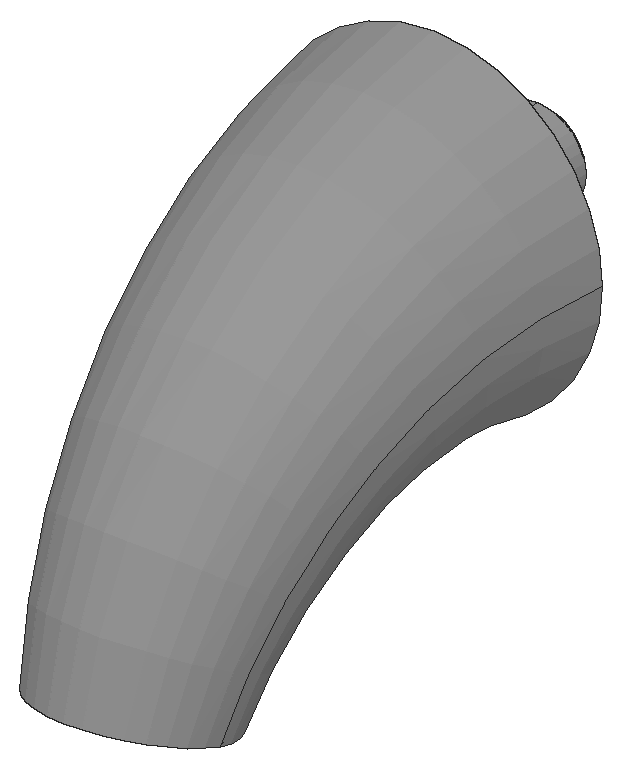
Revit family "LIXIL - KP2-6 N - COBRA SHOWER HEAD AND ARM SET", category Plumbing Fixtures, Revit 2023
Family settings
  Round Connector Dimension = Use Diameter
  Part Type = Normal
  OmniClass Number = 23.45.00.00
  OmniClass Title = Sanitary, Laundry, and Cleaning Equipment
  Work Plane-Based = No
  Enable Cutting in Views = No
  Always vertical = Yes
  Cut with Voids When Loaded = No
  Maintain Annotation Orientation = No
  Shared = Yes
  Room Calculation Point = No
Parameters (values of type "KP2-6 N")
  Product Specification = "Supplier: Lixil.\r\nProduct description: Vandalproof shower head, single-function, chrome. Includes: 1/2\" BSP male inlet, minimum flow pressure 50 kPa. \r\nProduct Code: FSWHR134-0GT01.\r\nSKU Code: KP2-6/N.\r\nBarcode: 6002194051442. \r\nBrand: Cobra\r\nRange: Cobra.\r\nCategory: Showers. \r\nSub-Category: Shower Head (incl. Sets). \r\nColour: Chrome\r\nPackage Height: 80 mm\r\nPackage Width: 80 mm\r\nPackage Length: 140 mm\r\nPackage Volume: 896000 mm³\r\n\r\nNotes:\r\n- Refer to manufacturer's and supplier's installation, maintenance and cleaning manual.\r\n- Refer to manufacturer's and supplier's guarantees and warrantees document."
  M _ SHOWER HEAD = M _ LIXIL - CHROME 01
  M _ MIXER RUBBER = M _ LIXIL - RUBBER - BLACK 01
  Hosted on lixil.co.za = "https://www.lixil.co.za/item/cobra-showers-shower-heads-chrome-3"
  Description = "Cobra shower head and arm set to detail and spec. See sanware schedule. Available from Lixil."
  Default Elevation = 0 mm
Reference planes
  plane 1 "Center (Front/Back)": y = 0
  plane 2: z = 0
  plane 3 "Center (Left/Right)": x = 0
  plane 4 "Center L/S": y = -118.199
  plane 5: y = -39.742
Dimensions and locks
  aligned and locked: level to plane 2
Nested families
  nested 1: "BODY" at (0, 0, 0), type "BODY", detail levels medium+fine
  nested 2: "PLACEHOLDER" at (0, 0, 0), type "01", detail levels coarse
    with W 68.684 mm, H 92.5 mm, D 118.199 mm
Definition of nested family "BODY"
  Parameters (values of type "BODY")
    M _ SHOWER HEAD = none
    M _ RUBBER = none
    Default Elevation = 0 mm
  Reference planes
    plane 1 "Center (Front/Back)": y = 0
    plane 2: z = 0
    plane 3 "Center (Left/Right)": x = 0
    plane 4: y = -101.5
    plane 5: y = -27.5
    plane 6: z = 58.804
    plane 7: z = 4.804
  Forms (mm)
    Revolve 1, solid, material <- "M _ SHOWER HEAD"
      sketch origin (0, 158.815, -77.46) x (0, 0.954263, -0.29897) y (0, 0.29897, 0.954263)
        loop
          line (-260.382, 0.675) -> (-259.348, 0.675) -> (-259.348, 14.086) -> (-273, 14.086) -> (-273, 4.717) -> (-260.382, 4.717) -> (-260.382, 0.675)
        axis (-273, 0.675) -> (-273, 14.086)
      angle from 0 to 360
    Revolve 2, solid, material <- "M _ RUBBER"
      sketch origin (0, 159.017, -76.816) x (0, 0.954263, -0.29897) y (0, 0.29897, 0.954263)
        loop
          line (-273, 2.238) -> (-273, 0.997) -> (-272.535, 0) -> (-272.07, 0.997) -> (-271.605, 0) -> (-271.14, 0.997) -> (-270.675, 0) -> (-270.209, 0.997) -> (-269.744, 0) -> (-269.279, 0.997) -> (-268.814, 0) -> (-268.349, 0.997) -> (-267.884, 0) -> (-267.419, 0.997) -> (-266.954, 0) -> (-266.489, 0.997) -> (-266.024, 0) -> (-265.558, 0.997) -> (-265.093, 0) -> (-264.628, 0.997) -> (-264.163, 0) -> (-263.698, 0.997) -> (-263.233, 0) -> (-262.768, 0.997) -> (-262.303, 0) -> (-261.838, 0.997) -> (-261.373, 0) -> (-260.907, 0.997) -> (-260.44, -0.004) -> (-260.44, 2.238) -> (-273, 2.238)
        axis (-273, -0.004) -> (-273, 2.238)
      angle from 0 to 360
    Revolve 3, solid, material <- "M _ SHOWER HEAD"
      sketch origin (0, 0, -1.196) x (0, 1, 0) y (0, 0, 1)
        loop
          line (0, 60) -> (0, 67.748) -> (-1.693, 69.441) -> (-24.547, 69.441)
          arc (-24.547, 69.441) -> (-26.023, 67.965) -> (-27.5, 69.441) r 1.477
          line (-27.5, 69.441) -> (-27.5, 60) -> (0, 60)
        axis (-27.5, 60) -> (0, 60)
      angle from 0 to 360
    SweptBlend 4, solid, material <- "M _ SHOWER HEAD"
      path in 3D
        loop
          arc (0, -27.5, 58.804) -> (0, -73.399, 43.999) -> (0, -101.5, 4.804) r 77.032
      profile origin (0, -27.5, 58.804) x (0, -0.006381, -0.99998) y (1, 0, 0)
        loop
          circle (0, 0) r 33.25
      end profile origin (0, -101.5, 4.804) x (0, 0.954263, -0.29897) y (1, 0, 0)
        loop
          circle (0, 0) r 17.5
    SweptBlend 5, void
      path in 3D
        loop
          arc (0, -31.994, 58.701) -> (0, -75.196, 42.647) -> (0, -101.5, 4.804) r 77.032
      profile origin (0, -31.994, 58.701) x (0, 0.051964, -0.998649) y (1, 0, 0)
        loop
          circle (0, 0) r 30.25
      end profile origin (0, -101.5, 4.804) x (0, 0.954263, -0.29897) y (1, 0, 0)
        loop
          circle (0, 0) r 14.5
  Cuts and joins
    SweptBlend 5 cuts SweptBlend 4
  Lines and regions (mm)
    reference lines
      curve 1: arc (0, -27.5, 58.804) -> (0, -73.399, 43.999) -> (0, -101.5, 4.804) r 77.032
    sketch lines
      curve 2: arc (0, -27.5, 58.804) -> (0, -73.399, 43.999) -> (0, -101.5, 4.804) r 77.032
      curve 3: arc (0, -31.994, 58.701) -> (0, -75.196, 42.647) -> (0, -101.5, 4.804) r 77.032
  Dimensions and locks
    plane 1 "Center (Front/Back)" to plane 4 = 101.5 mm
    aligned and locked: level to plane 2
Definition of nested family "PLACEHOLDER"
  Parameters (values of type "Family3")
    W [instance] = 260.392 mm
    H [instance] = 470.882 mm
    Default Elevation = 0 mm
    D [instance] = 240.391 mm
  Reference planes
    plane 1 "Center (Front/Back)": y = 0
    plane 2: z = 0
    plane 3 "Center (Left/Right)": x = 0
    plane 4: y = -240.391
    plane 5: x = -130.196
    plane 6: x = 130.196
    plane 7: z = 470.882
  Forms (mm)
    Extrusion 1, solid
      sketch origin (0, 0, 0) x (1, 0, 0) y (0, 1, 0)
        loop
          line (-130.196, 0) -> (-130.196, -240.391) -> (130.196, -240.391) -> (130.196, 0) -> (-130.196, 0)
      from 0 to 470.882
  Dimensions and locks
    "D": plane 4 to plane 1 "Center (Front/Back)"
    equal spacing: plane 5, plane 3 "Center (Left/Right)", plane 6
    "W": plane 5 to plane 6
    "H": plane 7 to level
    aligned and locked: level to plane 2
    aligned and locked: Extrusion 1 sketch curve to plane 5
    aligned and locked: Extrusion 1 sketch curve to plane 1 "Center (Front/Back)"
    aligned and locked: Extrusion 1 sketch curve to plane 6
    aligned and locked: Extrusion 1 sketch curve to plane 4
    aligned and locked: Extrusion 1 to plane 7
    aligned and locked: Extrusion 1 to level
